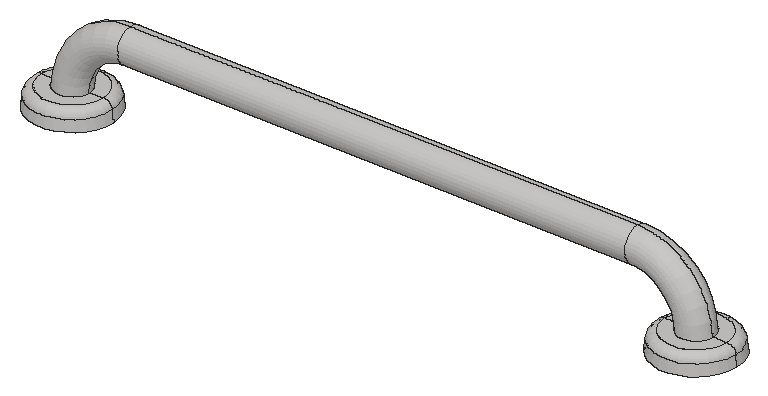
Revit family "84760040 virtu comfort grab rail 600mm", category Plumbing Fixtures, host Face, Revit 2015
Parameters (values of type "Virtu Comfort Grab Rail 600mm")
  Waste Connection = no
  Vent Connection = no
  URL = "https://www.caroma.com.au/"
  Rail_Width = 600 mm
  Rail_Height = 73 mm
  Model = "84760040"
  Material_Base = GWA_Metal-Stainless
  Manufacturer = "GWA Bathrooms & Kitchens"  # constant formula
  HW Connection = no
  Description = "Virtu Comfort Grab Rail 600mm"
  Default Elevation = 0 mm
  CreatedBy_ANZRS = "GWA Bathrooms & Kitchens"  # constant formula
  CW Connection = no
  Assembly Code = "C1030200"
Reference planes
  plane 1 "Center (Front/Back)": y = 0
  plane 2: z = 0
  plane 3 "Center (Left/Right)": x = 0
  plane 4 "Left": x = -300
  plane 5 "Right": x = 300
  plane 6 "Rail_Centre": z = 73
Forms (mm)
  Revolve 1, solid, material "GWA_Metal-Stainless" <- "Material_Base"
    sketch origin (0, 0, 0) x (1, 0, 0) y (0, 0, 1)
      loop
        line (-317, 16.9) -> (-317, 18) -> (-329.753, 18)
        arc (-329.753, 18) -> (-335.44, 15.817) -> (-338.206, 10.39) r 8.5
        line (-338.206, 10.39) -> (-339.3, 0) -> (-338.194, 0) -> (-337.112, 10.275)
        arc (-337.112, 10.275) -> (-334.704, 15) -> (-329.753, 16.9) r 7.4
        line (-329.753, 16.9) -> (-317, 16.9)
      axis (-300, 18) -> (-300, 0)
    angle from 0 to 360
  Revolve 2, solid, material "GWA_Metal-Stainless" <- "Material_Base"
    sketch origin (300, 0, 0) x (1, 0, 0) y (0, 0, 1)
      loop
        line (-17, 16.9) -> (-17, 18) -> (-29.753, 18)
        arc (-29.753, 18) -> (-35.44, 15.817) -> (-38.206, 10.39) r 8.5
        line (-38.206, 10.39) -> (-39.3, 0) -> (-38.194, 0) -> (-37.112, 10.275)
        arc (-37.112, 10.275) -> (-34.704, 15) -> (-29.753, 16.9) r 7.4
        line (-29.753, 16.9) -> (-17, 16.9)
      axis (0, 18) -> (0, 0)
    angle from 0 to 360
  Sweep 3, solid, material "GWA_Metal-Stainless" <- "Material_Base"
    path origin (0, 0, 0) x (1, 0, 0) y (0, 0, 1)
      loop
        line (-300, 0) -> (-300, 17)
        arc (-300, 17) -> (-283.598, 56.598) -> (-244, 73) r 56
        line (-244, 73) -> (244, 73)
        arc (244, 73) -> (283.598, 56.598) -> (300, 17) r 56
        line (300, 17) -> (300, 0)
    profile origin (-300, 0, 8.5) x (-1, 0, 0) y (0, -1, 0)
      loop
        circle (0, 0) r 16
Lines and regions (mm)
  Masking region 1
    outline origin (0, 0, 40) x (-1, 0, 0) y (0, -1, 0)
      loop
        arc (264.104, -16) -> (339.3, 0) -> (264.104, 16) r 39.3
        line (264.104, 16) -> (-264.104, 16)
        arc (-264.104, 16) -> (-339.3, 0) -> (-264.104, -16) r 39.3
        line (-264.104, -16) -> (264.104, -16)
  Masking region 2
    outline origin (0, 0, 0) x (1, 0, 0) y (0, 0, 1)
      loop
        line (-339.3, 0) -> (-260.7, 0) -> (-261.792, 10.388)
        arc (-261.792, 10.388) -> (-264.558, 15.817) -> (-270.245, 18) r 8.5
        line (-270.245, 18) -> (-283.987, 18)
        arc (-283.987, 18) -> (-271.928, 45.636) -> (-244, 57) r 40
        line (-244, 57) -> (244, 57)
        arc (244, 57) -> (271.928, 45.636) -> (283.987, 18) r 40
        line (283.987, 18) -> (270.245, 18)
        arc (270.245, 18) -> (264.558, 15.817) -> (261.792, 10.388) r 8.5
        line (261.792, 10.388) -> (260.7, 0) -> (339.3, 0) -> (338.208, 10.388)
        arc (338.208, 10.388) -> (335.442, 15.817) -> (329.755, 18) r 8.5
        line (329.755, 18) -> (315.993, 18)
        arc (315.993, 18) -> (294.557, 68.264) -> (244, 89) r 72
        line (244, 89) -> (-244, 89)
        arc (-244, 89) -> (-294.557, 68.264) -> (-315.993, 18) r 72
        line (-315.993, 18) -> (-329.755, 18)
        arc (-329.755, 18) -> (-335.442, 15.817) -> (-338.208, 10.388) r 8.5
        line (-338.208, 10.388) -> (-339.3, 0)
  Masking region 3
    outline origin (0, 0, 0) x (0, 1, 0) y (0, 0, 1)
      loop
        line (-39.3, 0) -> (39.3, 0) -> (38.208, 10.388)
        arc (38.208, 10.388) -> (35.442, 15.817) -> (29.755, 18) r 8.5
        line (29.755, 18) -> (16, 18) -> (16, 73)
        arc (16, 73) -> (0, 89) -> (-16, 73) r 16
        line (-16, 73) -> (-16, 18) -> (-29.755, 18)
        arc (-29.755, 18) -> (-35.442, 15.817) -> (-38.208, 10.388) r 8.5
        line (-38.208, 10.388) -> (-39.3, 0)
  symbolic lines
    curve 1: arc (-317, 0, 40) -> (-309.758, 13.92, 40) -> (-294.203, 15.981, 40) r 17
    curve 2: arc (-294.203, -15.981, 40) -> (-309.758, -13.92, 40) -> (-317, 0, 40) r 17
    curve 3: arc (-264.104, 16, 40) -> (-339.3, 0, 40) -> (-264.104, -16, 40) r 39.3
    curve 4: arc (294.255, 16, 40) -> (317, 0, 40) -> (294.255, -16, 40) r 17
    curve 5: line (300, 16, 40) -> (264.104, 16, 40)
    curve 6: line (300, -16, 40) -> (264.104, -16, 40)
    curve 7: arc (300, 16, 40) -> (316, 0, 40) -> (300, -16, 40) r 16
    curve 8: arc (-300, -16, 40) -> (-316, 0, 40) -> (-300, 16, 40) r 16
    curve 9: arc (-294.203, 15.981, 40) -> (-317, 0, 40) -> (-294.203, -15.981, 40) r 17
    curve 10: line (-300, 16, 40) -> (-264.104, 16, 40)
    curve 11: line (-315.993, 0, 18) -> (-283.987, 0, 18)
    curve 12: line (283.987, 0, 18) -> (315.993, 0, 18)
    curve 13: line (0, -16, 18) -> (0, 16, 18)
    curve 14: line (-264.104, -16, 40) -> (-300, -16, 40)
Dimensions and locks
  "Rail_Width": plane 4 "Left" to plane 5 "Right"
  equal spacing: plane 4 "Left", plane 3 "Center (Left/Right)", plane 5 "Right"
  "Rail_Height": plane 6 "Rail_Centre" to host face
  aligned and locked: plane 2 to host face
  aligned and locked: level to host face
Automatic sketch dimensions
  host sketch curve to host sketch curve = 2438.4 mm  (x2)
  Revolve 1 sketch curve to Revolve 1 sketch curve = 0 mm  (x2)
  Revolve 1 sketch curve to level = 0 mm
  Revolve 1 sketch curve to plane 4 "Left" = 0 mm
  Revolve 1 sketch curve to plane 4 "Left" = 17 mm
  Revolve 1 sketch curve to Revolve 1 sketch curve = 12.753 mm
  level to Revolve 1 sketch curve = 10.275 mm
  Revolve 1 sketch curve to Revolve 1 sketch curve = 7.359 mm
  Revolve 1 sketch curve to Revolve 1 sketch curve = 1.082 mm
  level to Revolve 1 sketch curve = 10.39 mm
  Revolve 1 sketch curve to Revolve 1 sketch curve = 1.094 mm
  Revolve 1 sketch curve to Revolve 1 sketch curve = 1.106 mm
  Revolve 1 sketch curve to Revolve 1 sketch curve = 0.775 mm
  level to Revolve 1 sketch curve = 7.862 mm
  Revolve 1 sketch curve to Revolve 1 sketch curve = 12.173 mm
  Revolve 2 sketch curve to Revolve 2 sketch curve = 0 mm  (x2)
  Revolve 2 sketch curve to level = 0 mm
  Revolve 2 sketch curve to plane 5 "Right" = 0 mm
  Revolve 2 sketch curve to plane 5 "Right" = 17 mm
  Revolve 2 sketch curve to Revolve 2 sketch curve = 12.753 mm
  level to Revolve 2 sketch curve = 10.275 mm
  Revolve 2 sketch curve to Revolve 2 sketch curve = 7.359 mm
  Revolve 2 sketch curve to Revolve 2 sketch curve = 1.082 mm
  level to Revolve 2 sketch curve = 10.39 mm
  Revolve 2 sketch curve to Revolve 2 sketch curve = 1.094 mm
  Revolve 2 sketch curve to Revolve 2 sketch curve = 1.106 mm
  Revolve 2 sketch curve to Revolve 2 sketch curve = 0.775 mm
  level to Revolve 2 sketch curve = 7.862 mm
  Revolve 2 sketch curve to Revolve 2 sketch curve = 12.173 mm
  Sweep 3 sketch curve to plane 4 "Left" = 0 mm
  Sweep 3 sketch curve to plane 6 "Rail_Centre" = 0 mm
  Sweep 3 sketch curve to plane 5 "Right" = 0 mm
  Sweep 3 sketch curve to level = 0 mm  (x2)
  plane 4 "Left" to Sweep 3 sketch curve = 56 mm
  level to Sweep 3 sketch curve = 17 mm
  plane 1 "Center (Front/Back)" to Sweep 3 sketch curve = 0 mm
  Sweep 3 sketch curve to profile plane = 0 mm
  Masking region 1 sketch curve to plane 5 "Right" = 0 mm
  Masking region 1 sketch curve to plane 5 "Right" = 35.896 mm
  Masking region 1 sketch curve to plane 1 "Center (Front/Back)" = 16 mm
  plane 4 "Left" to Masking region 1 sketch curve = 35.896 mm
  Masking region 1 sketch curve to Masking region 1 sketch curve = 0 mm
  plane 1 "Center (Front/Back)" to Masking region 1 sketch curve = 0 mm  (x2)
  Masking region 1 sketch curve to plane 4 "Left" = 0 mm
  Masking region 2 sketch curve to Masking region 2 sketch curve = 0 mm  (x4)
  Masking region 2 sketch curve to level = 0 mm  (x2)
  Masking region 2 sketch curve to plane 4 "Left" = 39.3 mm
  level to Masking region 2 sketch curve = 10.388 mm  (x4)
  Masking region 2 sketch curve to Masking region 2 sketch curve = 1.092 mm  (x4)
  Masking region 2 sketch curve to Masking region 2 sketch curve = 8.453 mm  (x4)
  Masking region 2 sketch curve to plane 4 "Left" = 15.993 mm
  level to Masking region 2 sketch curve = 9.5 mm  (x2)
  Masking region 2 sketch curve to plane 6 "Rail_Centre" = 16 mm
  plane 5 "Right" to Masking region 2 sketch curve = 15.993 mm
  plane 5 "Right" to Masking region 2 sketch curve = 29.755 mm
  plane 4 "Left" to Masking region 2 sketch curve = 16.013 mm
  Masking region 2 sketch curve to Masking region 2 sketch curve = 0.888 mm  (x2)
  plane 6 "Rail_Centre" to Masking region 2 sketch curve = 16 mm
  Masking region 2 sketch curve to Masking region 2 sketch curve = 16.7 mm
  Masking region 2 sketch curve to Masking region 2 sketch curve = 13.742 mm  (x2)
  curve 11 to plane 4 "Left" = 15.993 mm
  level to curve 11 = 18 mm
  plane 4 "Left" to curve 11 = 16.013 mm
  curve 12 to plane 5 "Right" = 16.013 mm
  plane 5 "Right" to curve 12 = 15.993 mm
  level to curve 12 = 18 mm
  Masking region 3 sketch curve to level = 0 mm
  Masking region 3 sketch curve to plane 1 "Center (Front/Back)" = 0 mm
  plane 1 "Center (Front/Back)" to Masking region 3 sketch curve = 16 mm
  Masking region 3 sketch curve to Masking region 3 sketch curve = 13.755 mm
  level to Masking region 3 sketch curve = 10.388 mm  (x2)
  Masking region 3 sketch curve to Masking region 3 sketch curve = 8.453 mm  (x2)
  Masking region 3 sketch curve to Masking region 3 sketch curve = 1.092 mm  (x2)
  level to Masking region 3 sketch curve = 9.5 mm
  Masking region 3 sketch curve to plane 1 "Center (Front/Back)" = 29.755 mm
  Masking region 3 sketch curve to Masking region 3 sketch curve = 55 mm
  Masking region 3 sketch curve to plane 6 "Rail_Centre" = 0 mm
  plane 1 "Center (Front/Back)" to curve 13 = 16 mm
  level to curve 13 = 18 mm
  curve 13 to plane 1 "Center (Front/Back)" = 16 mm
  curve 1 to curve 2 = 0 mm
  curve 1 to curve 3 = 0 mm  (x2)
  curve 1 to curve 8 = 0 mm  (x2)
  curve 1 to curve 9 = 0 mm
  curve 4 to curve 7 = 0 mm  (x2)
  curve 6 to plane 5 "Right" = 0 mm
  plane 1 "Center (Front/Back)" to curve 8 = 0 mm
  curve 14 to plane 4 "Left" = 0 mm
  plane 1 "Center (Front/Back)" to curve 4 = 0 mm
  curve 10 to plane 1 "Center (Front/Back)" = 16 mm
  curve 5 to plane 1 "Center (Front/Back)" = 16 mm
  curve 5 to curve 4 = 5.745 mm
  curve 4 to curve 6 = 30.151 mm
  curve 4 to curve 5 = 30.151 mm
  curve 14 to curve 10 = 0 mm
  plane 4 "Left" to curve 9 = 5.797 mm  (x2)
  curve 1 to curve 1 = 17 mm
  radius of Sweep 3 sketch curve = 16 mm
